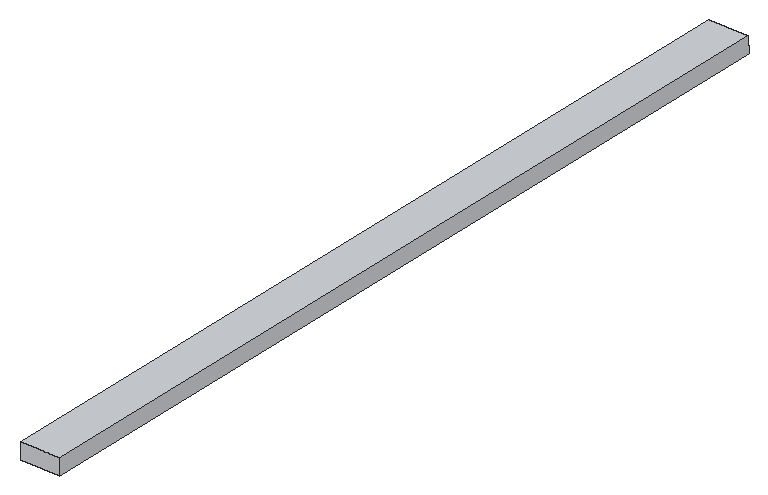
Revit family "LCS8", category Lighting Fixtures, host Face, Revit 2021
Family settings
  Host = Face
  Round Connector Dimension = Use Diameter
  Part Type = Normal
  Cut with Voids When Loaded = No
  Light Source = Yes
  Shared = No
  Room Calculation Point = No
Parameters
  Wattage Comments = ""
  Wattage = 9.2903 W
  WIDTH = 2' - 0"
  built-in parameter 1150110 = 1 (stored number, unit not read)
  Voltage = 120 V
  URL = "https://www.currentlighting.com/columbia"
  built-in parameter 1114217 = 1 (stored number, unit not read)
  Tilt Angle = 60.00°
  built-in parameter 1150109 = 1 (stored number, unit not read)
  built-in parameter 1150134 = 3
  built-in parameter 1150113 = 1 (stored number, unit not read)
  Product Page URL = ""
  Product Documentation Link = ""
  Power Factor = 1
  Photometric Web File = "generic"
  Number of Poles = 1
  built-in parameter 1150142 = (empty or 0)
  Model = "LCS"
  Manufacturer = "COLUMBIA LIGHTING"
  built-in parameter 1150105 = 109.82 (stored number, unit not read)
  Lumens = 1380 lm
  built-in parameter 1150115 = 1 (stored number, unit not read)
  built-in parameter 1150137 = (empty or 0)
  built-in parameter 1150139 = (empty or 0)
  built-in parameter 1150112 = 1 (stored number, unit not read)
  built-in parameter 1150114 = 1 (stored number, unit not read)
  Lamp = "LED"
  LEGNTH = 4' - 6"
  built-in parameter 1150132 = (empty or 0)
  built-in parameter 1150102 = (empty or 0)
  built-in parameter 1150107 = 3200 (stored number, unit not read)
  built-in parameter 1150138 = (empty or 0)
  built-in parameter 1150106 = 1.0982 (stored number, unit not read)
  IES FILE LINK = ""
  built-in parameter 1150104 = 13.8 (stored number, unit not read)
  Dimming Lamp Color Temperature Shift = (empty or 0)
  Default Elevation = 4' - 0"
  Color Filter = 16777215
  built-in parameter 1114218 = 1 (stored number, unit not read)
  built-in parameter 1150133 = 10 (stored number, unit not read)
  Apparent Load = 0 VA
Reference planes (in)
  plane 1 "Center (Front/Back)": y = 0
  plane 2: z = 0
  plane 3 "Center (Left/Right)": x = 0
  plane 4: x = -2.21875
  plane 5: y = 48
  plane 6: x = 2.21875
  plane 7: y = -48
  plane 8: z = 1.8125
Forms (in)
  Extrusion 1, solid
    sketch origin (0, 0, 0) x (1, 0, 0) y (0, 0, 1)
      loop
        line (-2.21875, 0) -> (2.21875, 0) -> (2.21875, 1.8125) -> (-2.21875, 1.8125) -> (-2.21875, 0)
    from 48 to -48
Dimensions and locks (in)
  aligned and locked: plane 2 to host face
  aligned and locked: level to host face
Connectors (in)
  electrical at (0, 0, 0), driven by "Number of Poles", driven by "Voltage", driven by "Apparent Load", driven by "Power Factor"
    settings: on host face, index 1, voltage 120 V, apparent load 0 VA, apparent load phase1 0 VA, apparent load phase2 0 VA, apparent load phase3 0 VA, power factor 1, load classification "Other", number of poles 1, system type 31, power factor state 1, is connector primary yes, connector utility yes, sub classification motor no, connector description "Power"
